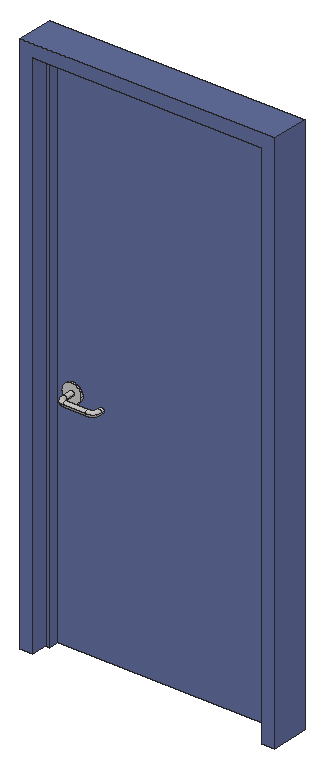
Revit family "Door_LeadLined_Ambico_Single-Flush", category Doors, host Wall, Revit 2026
Family settings
  Host = Wall
  Classification Number = 23.30.10.21.17.17
  Always vertical = Yes
  Cut with Voids When Loaded = No
  Shared = No
  Room Calculation Point = No
Parameters (values of type "ByType")
  ofst = 0' - 0"
  Wind Load = ""
  Water Penetration = ""
  Stop Width = 0' - 0 5/8"
  Sound Transmission Class (STC) = 0
  RO Offset = 0' - 0"
  Panel Height = Height  # 7' - 0"
  Lead Weight per Area = (Lead Thickness / 0' 0 1/64") * (0.1924 in-wg)  # 0.00199986 ksf
  Lead Total Weight = Lead Weight per Area * (Width * Height)  # 0.041997 kip
  Lead Thickness = 0' - 0 1/32"
  Hardware Finish = Metal - Stainless Steel - Ambico - 4 Finish
  Handle Type Interior [instance] = Handle_Generic Lever : Handle_Generic Lever
  Handle Type Exterior [instance] = Handle_Generic Lever : Handle_Generic Lever
  Handle Height [instance] = 3' - 0"
  Function = Interior
  Frame Width = 0' - 2"
  Frame Thickness = 0' - 5 7/8"
  Frame Inset from Exterior [instance] = 0' - 0"
  Frame Finish = Metal - Steel - Ambico - Painted - Blue
  Building Code Conformance = ""
  Air Infiltration = ""
  ASTM Conformance = ""
  Panel Width = Width  # 3' - 0"
  Panel Material = Metal - Steel - Ambico - Painted - Blue
  Manufacturer Phone = "613-746-4663 "
  Warranty Duration (Years) = 0
  URL = "http://www.ambico.com/"
  Thickness = 0' - 1 3/4"
  Test Data = ""
  Specification = "http://www.arcat.com/sd/clients/ambico.html?coid=40356"
  SpecWizard = ""
  Send Message = "http://www.arcat.com/users.pl?action=UserEmail&company=Ambico Limited&coid=40356&rep=119&fax=800-465-8561&mf="
  Sales Information = "http://www.ambico.com/contact.html"
  Rough Width = (Width + (RO Offset * 2))  # 3' - 0"
  Rough Height = (Height + (RO Offset))  # 7' - 0"
  R_Value = 0
  Product Properties = ""
  Product Data = "http://www.arcat.com/arcatcos/cos40/arc40356.html"
  Manufacturer Website = "http://www.ambico.com/"
  Manufacturer Phone - Toll Free = "888-423-2224"
  Manufacturer Fax = "800-465-8561"
  Manufacturer Address = "1120 Cummings Ave. Ottawa, ON Canada K1J 7R8"
  Maintenance Schedule (Months) = 0
  Installation-Fabrication = "http://www.ambico.com/specs-a-cads-library.html"
  Installation Phase = ""
  Green Building-LEED = "http://www.arcat.com/green/clients/leed_data_40356.html"
  Model = "As Specified"
  Manufacturer = "Ambico Limited"
  Keynote = "08300"
  Height = 7' - 0"
  Wall Closure = By host
  Width = 3' - 0"
  Fire Rating = "As Specified in 08300"
  Expected Lifespan (Years) = 0
  Drawn By = "Sumex Design, Inc. / Robert S. Weygant, CSI, CDT, SCIP"
  Description = "Ambico Door as Specified"
  Copyright = "©Arcat Inc."
  Construction Details = "http://www.arcat.com/details/ambico/ambico.html?coid=40356"
  Building Codes = ""
  Assembly Code = ""
  ADA Compliant = yes
  AAMA Designation = ""
Reference planes (in)
  plane 1 "Center (Front/Back)": y = -34.46225
  plane 2 "Center (Left/Right)": x = 62.28704
  plane 3: z = 0
  plane 4 "Right": x = 82.28704
  plane 5 "Left": x = 42.28704
  plane 6 "Closure": y = -36.46225
  plane 7: z = 0
  plane 8 "Top of Frame": z = 86
  plane 9 "RO Top": z = 86
  plane 10 "RO Right": x = 82.28704
  plane 11 "RO Left": x = 42.28704
  plane 12 "Frame Ext": y = -31.96225
  plane 13 "Frame Int": y = -37.83725
  plane 14: x = 80.28704
  plane 15: x = 44.28704
  plane 16: z = 84
  plane 17: z = 36
  plane 18: y = -33.71225
  plane 19: y = -33.71225
  plane 20: y = -31.96225
Forms (in)
  Sweep 1, solid, material "Metal - Steel - Ambico - Painted - Blue" <- "Frame Finish"
    path origin (1.99114, -31.96225, 48) x (-1, 0, 0) y (0, 0, 1)
      loop
        line (-80.2959, -48) -> (-80.2959, 38) -> (-40.2959, 38) -> (-40.2959, -48)
    profile "P_Frame_Standard : P_Frame_Standard" origin (82.28704, -31.96225, 43) x (1, 0, 0) y (0, 1, 0)
      loop
        line (0, 0) -> (-2, 0) -> (-2, -1.9375) -> (-2.625, -1.9375) -> (-2.625, -3.4375) -> (-2, -3.4375) -> (-2, -5.875) -> (0, -5.875) -> (0, 0)
Lines and regions (in)
  Opening 1
    outline origin (-109.33485, -36.46225, 0) x (1, 0, 0) y (0, 0, 1)
      loop
        line (151.62189, 0) -> (191.62189, 0) -> (191.62189, 86) -> (151.62189, 86) -> (151.62189, 0)
Text (in)
  text "Exterior" at (50.54558, 27.31104, 0), in view "A101 - Plan View"
  text "Interior" at (50.54558, -25.14366, 0), in view "A101 - Plan View"
  text "Exterior" at (0, -17.98638, 123.01588), in view "Right"
  text "Interior" at (0, -64.39139, 123.01588), in view "Right"
  text "Interior" at (0, -52.09468, 121.14095), in view "Left"
  text "Exterior" at (0, 26.35325, 123.00693), in view "Left"
Dimensions and locks (in)
  equal spacing: plane 4 "Right", plane 2 "Center (Left/Right)", plane 5 "Left"
  "RO Offset": plane 5 "Left" to plane 11 "RO Left"
  "RO Offset": plane 10 "RO Right" to plane 4 "Right"
  "RO Offset": plane 9 "RO Top" to plane 8 "Top of Frame"
  "Frame Thickness": plane 12 "Frame Ext" to plane 13 "Frame Int"
  "Frame Width": plane 16 to plane 8 "Top of Frame"
  "Frame Width": plane 4 "Right" to plane 14
  "Frame Width": plane 5 "Left" to plane 15
  "Frame Inset from Exterior": plane 20 to plane 12 "Frame Ext"
  "Handle Height": level to plane 17
  locked: plane 15 to nested 3 at 3
  locked: plane 15 to nested 2 at 3
  "Thickness": plane 12 "Frame Ext" to plane 19
  "ofst": plane 18 to plane 19
  locked: plane 20 to host wall at 0.5
  "Height": level to plane 16
  "Width": plane 15 to plane 14
  aligned and locked: host wall to plane 1 "Center (Front/Back)"
  aligned and locked: host wall to plane 6 "Closure"
  aligned and locked: plane 2 "Center (Left/Right)" to nested 1
  aligned and locked: plane 12 "Frame Ext" to nested 1
  aligned and locked: plane 17 to nested 3
  aligned and locked: nested 2 to plane 17
Automatic sketch dimensions
  Opening 1 sketch curve to plane 9 "RO Top" = 0' - 0"
  Opening 1 sketch curve to plane 11 "RO Left" = 0' - 0"
  Opening 1 sketch curve to plane 10 "RO Right" = 0' - 0"
  Opening 1 sketch curve to level = 0' - 0"
  Sweep 1 sketch curve to plane 4 "Right" = 0' - 0"
  Sweep 1 sketch curve to plane 5 "Left" = 0' - 0"
  Sweep 1 sketch curve to level = 0' - 0"  (x2)
  Sweep 1 sketch curve to plane 8 "Top of Frame" = 0' - 0"
Nested families (in)
  nested 1: "Panel_Flush" at (62.28704, -32.83725, 0) x (-1, 0, 0) z (0, 0, 1), Material <- "Panel Material", Width <- "Panel Width", Thickness <- "Thickness", Height <- "Panel Height", type "Panel_Flush"
    with offset 0' - 0", Width 3' - 0", Thickness 0' - 1 3/4", Material Metal - Steel - Ambico - Painted - Blue, Height 7' - 0", Applied Panel no
  nested 2: "Handle_Generic Lever" at (47.28704, -31.96225, 36) x (-1, 0, 0) z (0, 1, 0), Material <- "Hardware Finish", type <- "Handle Type Exterior", type "Handle_Generic Lever"
    with Material Metal - Stainless Steel - Ambico - 4 Finish
  nested 3: "Handle_Generic Lever" at (47.28704, -33.71225, 36) x (-1, 0, 0) z (0, -1, 0), Material <- "Hardware Finish", type <- "Handle Type Interior", type "Handle_Generic Lever"
    with Material Metal - Stainless Steel - Ambico - 4 Finish
Definition of nested family "Panel_Flush"
  Parameters
    offset [instance] = 0' - 0"
    Width [instance] = 3' - 0"
    Warranty Duration (Years) = 0
    URL = "http://www.ambico.com/"
    Thickness [instance] = 0' - 2"
    Specification = "http://www.arcat.com/sd/clients/ambico.html?coid=40356"
    SpecWizard = ""
    Send Message = "http://www.arcat.com/users.pl?action=UserEmail&company=Ambico Limited&coid=40356&rep=119&fax=800-465-8561&mf="
    Sales Information = "http://www.ambico.com/contact.html"
    Revision = "R1_03-2012"
    Product Properties = ""
    Product Data = "http://www.arcat.com/arcatcos/cos40/arc40356.html"
    Model = "As Specified"
    Material [instance] = none
    Manufacturer Website = "http://www.ambico.com/"
    Manufacturer Phone - Toll Free = "888-423-2224"
    Manufacturer Phone = "613-746-4663 "
    Manufacturer Fax = "800-465-8561"
    Manufacturer Address = "1120 Cummings Ave. Ottawa, ON Canada K1J 7R8"
    Manufacturer = "Ambico Limited"
    Maintenance Schedule (Months) = 0
    Keynote = "08300"
    Installation-Fabrication = "http://www.ambico.com/specs-a-cads-library.html"
    Installation Phase = ""
    Height [instance] = 7' - 0"
    Green Building-LEED = "http://www.arcat.com/green/clients/leed_data_40356.html"
    Expected Lifespan (Years) = 0
    Drawn By = "Sumex Design, Inc. / Robert S. Weygant, CSI, CDT, SCIP"
    Description = "Ambico Door Product as Specified"
    Default Elevation = 4' - 0"
    Copyright = "©Arcat Inc."
    Construction Details = "http://www.arcat.com/details/ambico/ambico.html?coid=40356"
    Assembly Code = ""
    Applied Panel [instance] = yes
  Reference planes (in)
    plane 1 "Center (Front/Back)": y = 0
    plane 2 "Bottom": z = 0
    plane 3 "Center (Left/Right)": x = 0
    plane 4 "Front": y = -1
    plane 5 "Back": y = 1
    plane 6 "Left": x = -18
    plane 7 "Right": x = 18
    plane 8 "Top": z = 84
    plane 9: z = 42
  Forms (in)
    Extrusion 1, solid, material <- "Material"
      sketch origin (0, 1, 0) x (-1, 0, 0) y (0, 0, 1)
        loop
          line (18, 84) -> (-18, 84) -> (-18, 0) -> (18, 0) -> (18, 84)
      from 0 to -2
    Extrusion 2, solid, material <- "Material", visible <- "Applied Panel"
      sketch origin (-11.94222, -1, 48) x (-1, 0, 0) y (0, 0, 1)
        loop
          line (5.55778, 35.5) -> (-29.44222, 35.5) -> (-29.44222, -48) -> (5.55778, -48) -> (5.55778, 35.5)
      from 0 to -1
  Lines and regions (in)
    symbolic lines
      curve 1: line (18, 0, 84) -> (-18, 0, 42)
      curve 2: line (-18, 0, 42) -> (18, 0, 0)
      curve 3: arc (18, 1, 0) -> (7.45584, 26.45584, 0) -> (-18, 37, 0) r 36
      curve 4: line (-18, 37, 0) -> (-18, 1, 0)
  Dimensions and locks (in)
    equal spacing: plane 6 "Left", plane 3 "Center (Left/Right)", plane 7 "Right"
    "Width": plane 6 "Left" to plane 7 "Right"
    equal spacing: plane 5 "Back", plane 1 "Center (Front/Back)", plane 4 "Front"
    "Thickness": plane 5 "Back" to plane 4 "Front"
    "Height": plane 8 "Top" to level
    equal spacing: plane 8 "Top", plane 9, level
    aligned and locked: Extrusion 1 to plane 4 "Front"
  Automatic sketch dimensions
    Extrusion 1 sketch curve to plane 7 "Right" = 0' - 0"
    Extrusion 1 sketch curve to level = 0' - 0"
    Extrusion 1 sketch curve to plane 6 "Left" = 0' - 0"
    Extrusion 1 sketch curve to plane 8 "Top" = 0' - 0"
    curve 1 to plane 6 "Left" = 0' - 0"
    curve 2 to level = 0' - 0"
    curve 2 to plane 7 "Right" = 0' - 0"
    curve 1 to plane 7 "Right" = 0' - 0"
    curve 1 to plane 9 = 0' - 0"
    curve 1 to plane 8 "Top" = 0' - 0"
    curve 4 to plane 5 "Back" = 0' - 0"
    curve 3 to plane 6 "Left" = 0' - 0"
    curve 3 to plane 5 "Back" = 0' - 0"
    curve 3 to plane 7 "Right" = 0' - 0"
    Extrusion 2 sketch curve to level = 0' - 0"
    Extrusion 2 sketch curve to plane 7 "Right" = 0' - 0 1/2"
    plane 6 "Left" to Extrusion 2 sketch curve = 0' - 0 1/2"
    Extrusion 2 sketch curve to plane 8 "Top" = 0' - 0 1/2"
Definition of nested family "Handle_Generic Lever"
  Parameters
    Material [instance] = none
    Default Elevation = 4' - 0"
  Reference planes (in)
    plane 1 "Center (Front/Back)": y = 0
    plane 2: z = 0
    plane 3 "Center (Left/Right)": x = 0
  Forms (in)
    Sweep 1, solid, material <- "Material"
      path origin (0, 0, 0) x (1, 0, 0) y (0, 0, 1)
        loop
          line (0, 0) -> (0, 1.76511)
          arc (0, 1.76511) -> (-0.29289, 2.47221) -> (-1, 2.76511) r 1
          line (-1, 2.76511) -> (-4.5, 2.76511)
          arc (-4.5, 2.76511) -> (-5.20711, 2.47221) -> (-5.5, 1.76511) r 1
          line (-5.5, 1.76511) -> (-5.5, 1.26511)
      profile origin (0, 0, 0.88255) x (-1, 0, 0) y (0, -1, 0)
        loop
          circle (0, 0) r 0.375
    Extrusion 2, solid, material <- "Material"
      sketch origin (0, 0, 0) x (1, 0, 0) y (0, 1, 0)
        loop
          circle (0, 0) r 1.5
      from 0 to 0.25
  Cuts and joins
    joined: Sweep 1, Extrusion 2
